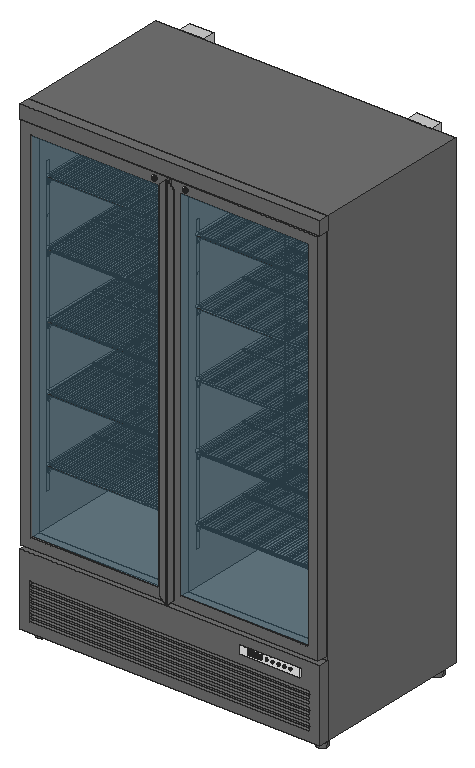
Revit family "QF_BLIZZARD_BMF2_250923020155", category Specialty Equipment, Revit 2021
Family settings
  Round Connector Dimension = Use Diameter
  Part Type = Normal
  OmniClass Number = 23.40.40.14
  OmniClass Title = Food Service Equipment
  Work Plane-Based = No
  Always vertical = Yes
  Cut with Voids When Loaded = No
  Shared = No
  Room Calculation Point = No
Parameters (values of type "BMF2")
  Weight [instance] = 270.00 kg
  Warranty Start Date [instance] = ""
  Warranty Duration [instance] = ""
  Volts [instance] = 230 V
  Volt Free Conn [instance] = no
  URL Recommended Spares List [instance] = ""
  URL Manufacturer [instance] = ""
  URL Cutsheet [instance] = ""
  URL Critical Spares List [instance] = ""
  URL = "www.blizzardequipment.com"
  Technical Documentation [instance] = ""
  Tag Number [instance] = ""
  Status [instance] = ""
  Start Up Current [instance] = 0 A
  Specification by User [instance] = ""
  Specification by Manufacturer [instance] = ""
  Sound Level [instance] = ""
  Show Logo [instance] = yes
  Show Clearances [instance] = yes
  Service Life Duration [instance] = ""
  Serial Number [instance] = ""
  Seismic Rating [instance] = ""
  SMACNA No [instance] = ""
  Revision Code [instance] = ""
  Revision [instance] = ""
  Production Year [instance] = ""
  Potential Equalisation [instance] = no
  Point Load [instance] = 0
  Phase [instance] = 1
  Other Equipment Approvals [instance] = ""
  Operational Current [instance] = 0 A
  Number of Poles [instance] = 2
  No Load Power Draw [instance] = no
  NAFEM Spec ID Number [instance] = ""
  Model Warning [instance] = ""
  Model = "BMF2"
  Min Ckt Ampacity [instance] = 0 A
  Max Overcurrent Protection [instance] = 13 A
  Masterspec [instance] = ""
  Manufacturer = "BLIZZARD"
  Main switch integrated [instance] = no
  Length Actual [instance] = 1250 mm
  Item Number [instance] = ""
  Installed By [instance] = ""
  Installation Date [instance] = ""
  Identify Quantity as Lot [instance] = no
  ID [instance] = ""
  Hygiene Approval [instance] = ""
  Height Actual [instance] = 2003 mm
  HP power [instance] = ""
  Furnished By [instance] = ""
  Foodservice Equipment Identifier [instance] = no
  FL Amps [instance] = 0.93 A
  Electrical Remarks [instance] = ""
  Electric power [instance] = 220 W
  Electric Connection Type [instance] = ""
  Elec Conn RI Height [instance] = 0 mm
  Elec Conn Connection Height [instance] = 0 mm
  ETL Approved [instance] = no
  Description = "DOUBLE HINGED GLASS DOOR DISPLAY FREEZER"
  Depth Actual [instance] = 710 mm
  Default Elevation = 0 mm
  Cycle [instance] = 50 Hz
  Cost = 2766
  Connection to energy optimisation system [instance] = yes
  Conn Plug [instance] = ""
  Conn Conduit [instance] = no
  Centralized building control system with digital interface [instance] = ""
  CSI MasterFormat [instance] = ""
  CE Approved [instance] = no
  Barcode [instance] = 0
  Author [instance] = ""
  Asset Identifier [instance] = ""
  Apparent Power [instance] = 220 VA
  Accessory [instance] = no
Reference planes
  plane 1 "Center (Front/Back)": y = 0
  plane 2: z = 0
  plane 3 "Center (Left/Right)": x = 0
Forms (mm)
  Extrusion 1, solid, not visible
    sketch origin (200.01, -2, 200.01) x (1, 0, 0) y (0, 1, 0)
      loop
        line (-2, 2) -> (-2, -2) -> (2, -2) -> (2, 2) -> (-2, 2)
    from -2 to 2
Dimensions and locks
  locked: Extrusion 1 to nested 2
  locked: nested 2 to Extrusion 1 at 2
  aligned and locked: level to plane 2
Nested families
  nested 1: "QF_BLIZZARD_BMF2_2920" at (0, 0, 0), type "BMF2"
    with Weight 270.00 kg, Warranty Start Date "", Warranty Duration "", URL Cutsheet "", Technical Documentation "", Tag Number "", Status "", Specification by User "", Specification by Manufacturer "", Sound Level "", Solid Fuel Type "", Show Logo yes, Show Clearances yes, Service Life Duration "", Serial Number "", Seismic Rating "", SMACNA No "", Revision Code "", Revision "", Production Year "", Point Load 0, Other Equipment Approvals "", NAFEM Spec ID Number "", Model Warning "", Masterspec "", Length Actual 1250 mm, Item Number "", Installed By "", Installation Date "", Identify Quantity as Lot yes, ID "", Hygiene Approval "", Height Actual 2003 mm, Furnished By "", Foodservice Equipment Identifier yes, ETL Approved yes, Depth Actual 710 mm, CSI MasterFormat "", CE Approved yes, Barcode "", Asset Identifier "", Accessory no
  nested 2: "CONN_POINT_ELE_2D___Generic_Annotation" at (200.01, 0, 200.01), type "CONN_POINT_ELE_2D___Generic_Annotation"
    with Onboard connection annotation symbol visibility yes
Connectors
  electrical at (200.01, 0, 200.01), driven by "Apparent Power", driven by "Number of Poles", driven by "Volts"
    settings: on Extrusion 1, index 1, voltage 230 V, apparent load 0 VA, apparent load phase1 220 VA, apparent load phase2 0 VA, apparent load phase3 0 VA, power factor 1, load classification "Other", number of poles 2, system type 31, power factor state 1, is connector primary yes, connector utility no, sub classification motor no, connector description "Electrical connection for BMF2"
Definition of nested family "QF_BLIZZARD_BMF2_2920"
  Parameters (values of type "BMF2")
    Weight [instance] = 0.00 kg
    Warranty Start Date [instance] = ""
    Warranty Duration [instance] = ""
    URL Cutsheet [instance] = ""
    URL = "www.blizzardequipment.com"
    Technical Documentation [instance] = ""
    Tag Number [instance] = ""
    Status [instance] = ""
    Specification by User [instance] = ""
    Specification by Manufacturer [instance] = ""
    Sound Level [instance] = ""
    Solid Fuel Type [instance] = ""
    Show Logo [instance] = yes
    Show Clearances [instance] = yes
    Service Life Duration [instance] = ""
    Serial Number [instance] = ""
    Seismic Rating [instance] = ""
    SMACNA No [instance] = ""
    Revision Code [instance] = ""
    Revision [instance] = ""
    Production Year [instance] = ""
    Point Load [instance] = 0
    Other Equipment Approvals [instance] = ""
    NAFEM Spec ID Number [instance] = ""
    Model Warning [instance] = ""
    Model = "BMF2"
    Masterspec [instance] = ""
    Manufacturer = "BLIZZARD"
    Length Actual [instance] = 0 mm
    Item Number [instance] = ""
    Installed By [instance] = ""
    Installation Date [instance] = ""
    Identify Quantity as Lot [instance] = yes
    ID [instance] = ""
    Hygiene Approval [instance] = ""
    Height Actual [instance] = 0 mm
    Furnished By [instance] = ""
    Foodservice Equipment Identifier [instance] = yes
    ETL Approved [instance] = yes
    Description = "DOUBLE HINGED GLASS DOOR DISPLAY FREEZER"
    Depth Actual [instance] = 0 mm
    Default Elevation = 0 mm
    CSI MasterFormat [instance] = ""
    CE Approved [instance] = yes
    Barcode [instance] = ""
    Author = "SPECIFI"
    Asset Identifier [instance] = ""
    Assembly Code = "E1090320"
    Accessory [instance] = yes
  Reference planes
    plane 1 "Back": y = 0
    plane 2: z = 0
    plane 3 "Left": x = 0
    plane 4 "Right": x = 1250
    plane 5 "Front": y = -710
    plane 6 "Top": z = 2003
  Forms (mm)
    Extrusion 1, solid
      sketch origin (0, 60, 10) x (1, 0, 0) y (0, 0, 1)
        loop
          line (0, 1993) -> (0, 29) -> (1250, 29) -> (1250, 1993) -> (0, 1993)
        loop
          line (35, 1953) -> (35, 376) -> (1215, 376) -> (1215, 1953) -> (35, 1953)
      from 60 to 725
    Extrusion 2, solid
      sketch origin (500, 0, 1147.5) x (0, 1, 0) y (0, 0, 1)
        loop
          line (-665, 855.5) -> (-710, 855.5) -> (-710, 800) -> (-665, 800) -> (-665, 855.5)
      from -500 to 750
    Revolve 3, solid
      sketch origin (0, -40, 0) x (1, 0, 0) y (0, 0, -1)
        loop
          line (50, -39) -> (50, -15) -> (60, -15) -> (60, 0) -> (40, 0) -> (40, -39) -> (50, -39)
        axis (40, 0) -> (40, -39)
      angle from 0 to 360
    Revolve 4, solid
      sketch origin (689.5, -70, 1118) x (0, 1, 0) y (0, 0, 1)
        loop
          line (-640, 812.281) -> (-640, 815) -> (-641, 815) -> (-642.268, 812.281) -> (-640, 812.281)
        axis (-640, 805) -> (-642.268, 805)
      angle from 0 to 360
    Extrusion 5, solid
      sketch origin (689.5, -710, 1118) x (1, 0, 0) y (0, 0, 1)
        loop
          circle (0, 805) r 7.281
      from 0 to 2.268
    Extrusion 6, solid
      sketch origin (319.719, -710.768, 1118) x (1, 0, 0) y (0, 0, 1)
        loop
          line (368.781, 810.281) -> (368.781, 803.281) -> (370.781, 803.281) -> (370.781, 810.281) -> (368.781, 810.281)
      from 0.232 to 2
    Extrusion 7, solid
      sketch origin (495, -680, 1063) x (1, 0, 0) y (0, 0, 1)
        loop
          line (134.5, 880) -> (134.5, -707) -> (750, -707) -> (750, 880) -> (134.5, 880)
        loop
          line (710, -667) -> (710, 840) -> (174.5, 840) -> (174.5, -667) -> (710, -667)
      from -10 to 30
    Extrusion 8, solid
      sketch origin (805, -670, 0) x (1, 0, 0) y (0, 0, 1)
        loop
          line (-805, 339) -> (-805, 39) -> (445, 39) -> (445, 339) -> (-805, 339)
        loop
          line (-765, 79) -> (405, 79) -> (405, 94) -> (-765, 94) -> (-765, 79)
        loop
          line (-765, 99) -> (405, 99) -> (405, 114) -> (-765, 114) -> (-765, 99)
        loop
          line (-765, 119) -> (405, 119) -> (405, 134) -> (-765, 134) -> (-765, 119)
        loop
          line (-765, 139) -> (405, 139) -> (405, 154) -> (-765, 154) -> (-765, 139)
        loop
          line (-765, 159) -> (405, 159) -> (405, 174) -> (-765, 174) -> (-765, 159)
        loop
          line (-765, 179) -> (405, 179) -> (405, 194) -> (-765, 194) -> (-765, 179)
        loop
          line (-765, 199) -> (405, 199) -> (405, 214) -> (-765, 214) -> (-765, 199)
        loop
          line (-765, 219) -> (405, 219) -> (405, 234) -> (-765, 234) -> (-765, 219)
      from -5 to 40
    Extrusion 9, solid
      sketch origin (535, -670, 673) x (1, 0, 0) y (0, 0, 1)
        loop
          line (109.5, -302) -> (695, -302) -> (695, 1255) -> (109.5, 1255) -> (109.5, -302)
        loop
          line (119.5, -292) -> (685, -292) -> (685, 1245) -> (119.5, 1245) -> (119.5, -292)
      from -5 to 0
    Extrusion 10, solid
      sketch origin (985, -702, 1063) x (-1, 0, 0) y (0, 0, -1)
        loop
          line (-220, -840) -> (315.5, -840) -> (315.5, 667) -> (-220, 667) -> (-220, -840)
      from 0 to 5
    Extrusion 11, solid
      sketch origin (35, -688.633, 200) x (0, -1, 0) y (0, 0, -1)
        loop
          line (-70, -1362) -> (-70, -330) -> (-80, -330) -> (-80, -1362) -> (-70, -1362)
        loop
          line (-77, -336.989) -> (-77, -340.989) -> (-73, -340.989) -> (-73, -336.989) -> (-77, -336.989)
        loop
          line (-77, -351.989) -> (-77, -355.989) -> (-73, -355.989) -> (-73, -351.989) -> (-77, -351.989)
        loop
          line (-77, -366.989) -> (-77, -370.989) -> (-73, -370.989) -> (-73, -366.989) -> (-77, -366.989)
        loop
          line (-77, -381.989) -> (-77, -385.989) -> (-73, -385.989) -> (-73, -381.989) -> (-77, -381.989)
        loop
          line (-77, -396.989) -> (-77, -400.989) -> (-73, -400.989) -> (-73, -396.989) -> (-77, -396.989)
        loop
          line (-77, -411.989) -> (-77, -415.989) -> (-73, -415.989) -> (-73, -411.989) -> (-77, -411.989)
        loop
          line (-77, -426.989) -> (-77, -430.989) -> (-73, -430.989) -> (-73, -426.989) -> (-77, -426.989)
        loop
          line (-77, -441.989) -> (-77, -445.989) -> (-73, -445.989) -> (-73, -441.989) -> (-77, -441.989)
        loop
          line (-77, -456.989) -> (-77, -460.989) -> (-73, -460.989) -> (-73, -456.989) -> (-77, -456.989)
        loop
          line (-77, -471.989) -> (-77, -475.989) -> (-73, -475.989) -> (-73, -471.989) -> (-77, -471.989)
        loop
          line (-77, -486.989) -> (-77, -490.989) -> (-73, -490.989) -> (-73, -486.989) -> (-77, -486.989)
        loop
          line (-77, -501.989) -> (-77, -505.989) -> (-73, -505.989) -> (-73, -501.989) -> (-77, -501.989)
        loop
          line (-77, -516.989) -> (-77, -520.989) -> (-73, -520.989) -> (-73, -516.989) -> (-77, -516.989)
        loop
          line (-77, -531.989) -> (-77, -535.989) -> (-73, -535.989) -> (-73, -531.989) -> (-77, -531.989)
        loop
          line (-77, -546.989) -> (-77, -550.989) -> (-73, -550.989) -> (-73, -546.989) -> (-77, -546.989)
        loop
          line (-77, -561.989) -> (-77, -565.989) -> (-73, -565.989) -> (-73, -561.989) -> (-77, -561.989)
        loop
          line (-77, -576.989) -> (-77, -580.989) -> (-73, -580.989) -> (-73, -576.989) -> (-77, -576.989)
        loop
          line (-77, -591.989) -> (-77, -595.989) -> (-73, -595.989) -> (-73, -591.989) -> (-77, -591.989)
        loop
          line (-77, -606.989) -> (-77, -610.989) -> (-73, -610.989) -> (-73, -606.989) -> (-77, -606.989)
        loop
          line (-77, -621.989) -> (-77, -625.989) -> (-73, -625.989) -> (-73, -621.989) -> (-77, -621.989)
        loop
          line (-77, -636.989) -> (-77, -640.989) -> (-73, -640.989) -> (-73, -636.989) -> (-77, -636.989)
        loop
          line (-77, -651.989) -> (-77, -655.989) -> (-73, -655.989) -> (-73, -651.989) -> (-77, -651.989)
        loop
          line (-77, -666.989) -> (-77, -670.989) -> (-73, -670.989) -> (-73, -666.989) -> (-77, -666.989)
        loop
          line (-77, -681.989) -> (-77, -685.989) -> (-73, -685.989) -> (-73, -681.989) -> (-77, -681.989)
        loop
          line (-77, -696.989) -> (-77, -700.989) -> (-73, -700.989) -> (-73, -696.989) -> (-77, -696.989)
        loop
          line (-77, -711.989) -> (-77, -715.989) -> (-73, -715.989) -> (-73, -711.989) -> (-77, -711.989)
        loop
          line (-77, -726.989) -> (-77, -730.989) -> (-73, -730.989) -> (-73, -726.989) -> (-77, -726.989)
        loop
          line (-77, -741.989) -> (-77, -745.989) -> (-73, -745.989) -> (-73, -741.989) -> (-77, -741.989)
        loop
          line (-77, -756.989) -> (-77, -760.989) -> (-73, -760.989) -> (-73, -756.989) -> (-77, -756.989)
        loop
          line (-77, -771.989) -> (-77, -775.989) -> (-73, -775.989) -> (-73, -771.989) -> (-77, -771.989)
        loop
          line (-77, -786.989) -> (-77, -790.989) -> (-73, -790.989) -> (-73, -786.989) -> (-77, -786.989)
        loop
          line (-77, -801.989) -> (-77, -805.989) -> (-73, -805.989) -> (-73, -801.989) -> (-77, -801.989)
        loop
          line (-77, -816.989) -> (-77, -820.989) -> (-73, -820.989) -> (-73, -816.989) -> (-77, -816.989)
        loop
          line (-77, -831.989) -> (-77, -835.989) -> (-73, -835.989) -> (-73, -831.989) -> (-77, -831.989)
        loop
          line (-77, -846.989) -> (-77, -850.989) -> (-73, -850.989) -> (-73, -846.989) -> (-77, -846.989)
        loop
          line (-77, -861.989) -> (-77, -865.989) -> (-73, -865.989) -> (-73, -861.989) -> (-77, -861.989)
        loop
          line (-77, -876.989) -> (-77, -880.989) -> (-73, -880.989) -> (-73, -876.989) -> (-77, -876.989)
        loop
          line (-77, -891.989) -> (-77, -895.989) -> (-73, -895.989) -> (-73, -891.989) -> (-77, -891.989)
        loop
          line (-77, -906.989) -> (-77, -910.989) -> (-73, -910.989) -> (-73, -906.989) -> (-77, -906.989)
        loop
          line (-77, -921.989) -> (-77, -925.989) -> (-73, -925.989) -> (-73, -921.989) -> (-77, -921.989)
        loop
          line (-77, -936.989) -> (-77, -940.989) -> (-73, -940.989) -> (-73, -936.989) -> (-77, -936.989)
        loop
          line (-77, -951.989) -> (-77, -955.989) -> (-73, -955.989) -> (-73, -951.989) -> (-77, -951.989)
        loop
          line (-77, -966.989) -> (-77, -970.989) -> (-73, -970.989) -> (-73, -966.989) -> (-77, -966.989)
        loop
          line (-77, -981.989) -> (-77, -985.989) -> (-73, -985.989) -> (-73, -981.989) -> (-77, -981.989)
        loop
          line (-77, -996.989) -> (-77, -1000.989) -> (-73, -1000.989) -> (-73, -996.989) -> (-77, -996.989)
        loop
          line (-77, -1011.989) -> (-77, -1015.989) -> (-73, -1015.989) -> (-73, -1011.989) -> (-77, -1011.989)
        loop
          line (-77, -1026.989) -> (-77, -1030.989) -> (-73, -1030.989) -> (-73, -1026.989) -> (-77, -1026.989)
        loop
          line (-77, -1041.989) -> (-77, -1045.989) -> (-73, -1045.989) -> (-73, -1041.989) -> (-77, -1041.989)
        loop
          line (-77, -1056.989) -> (-77, -1060.989) -> (-73, -1060.989) -> (-73, -1056.989) -> (-77, -1056.989)
        loop
          line (-77, -1071.989) -> (-77, -1075.989) -> (-73, -1075.989) -> (-73, -1071.989) -> (-77, -1071.989)
        loop
          line (-77, -1086.989) -> (-77, -1090.989) -> (-73, -1090.989) -> (-73, -1086.989) -> (-77, -1086.989)
        loop
          line (-77, -1101.989) -> (-77, -1105.989) -> (-73, -1105.989) -> (-73, -1101.989) -> (-77, -1101.989)
        loop
          line (-77, -1116.989) -> (-77, -1120.989) -> (-73, -1120.989) -> (-73, -1116.989) -> (-77, -1116.989)
        loop
          line (-77, -1131.989) -> (-77, -1135.989) -> (-73, -1135.989) -> (-73, -1131.989) -> (-77, -1131.989)
        loop
          line (-77, -1146.989) -> (-77, -1150.989) -> (-73, -1150.989) -> (-73, -1146.989) -> (-77, -1146.989)
        loop
          line (-77, -1161.989) -> (-77, -1165.989) -> (-73, -1165.989) -> (-73, -1161.989) -> (-77, -1161.989)
        loop
          line (-77, -1176.989) -> (-77, -1180.989) -> (-73, -1180.989) -> (-73, -1176.989) -> (-77, -1176.989)
        loop
          line (-77, -1191.989) -> (-77, -1195.989) -> (-73, -1195.989) -> (-73, -1191.989) -> (-77, -1191.989)
        loop
          line (-77, -1206.989) -> (-77, -1210.989) -> (-73, -1210.989) -> (-73, -1206.989) -> (-77, -1206.989)
        loop
          line (-77, -1221.989) -> (-77, -1225.989) -> (-73, -1225.989) -> (-73, -1221.989) -> (-77, -1221.989)
        loop
          line (-77, -1236.989) -> (-77, -1240.989) -> (-73, -1240.989) -> (-73, -1236.989) -> (-77, -1236.989)
        loop
          line (-77, -1251.989) -> (-77, -1255.989) -> (-73, -1255.989) -> (-73, -1251.989) -> (-77, -1251.989)
        loop
          line (-77, -1266.989) -> (-77, -1270.989) -> (-73, -1270.989) -> (-73, -1266.989) -> (-77, -1266.989)
        loop
          line (-77, -1281.989) -> (-77, -1285.989) -> (-73, -1285.989) -> (-73, -1281.989) -> (-77, -1281.989)
        loop
          line (-77, -1296.989) -> (-77, -1300.989) -> (-73, -1300.989) -> (-73, -1296.989) -> (-77, -1296.989)
        loop
          line (-77, -1311.989) -> (-77, -1315.989) -> (-73, -1315.989) -> (-73, -1311.989) -> (-77, -1311.989)
        loop
          line (-77, -1326.989) -> (-77, -1330.989) -> (-73, -1330.989) -> (-73, -1326.989) -> (-77, -1326.989)
        loop
          line (-77, -1341.989) -> (-77, -1345.989) -> (-73, -1345.989) -> (-73, -1341.989) -> (-77, -1341.989)
      from 0 to 5
    Sweep 12, solid
      path origin (47.141, -189.803, 1713.371) x (1, 0, 0) y (0, 1, 0)
        loop
          arc (9.859, 55.803) -> (1.373, 52.288) -> (-2.141, 43.803) r 12
          line (-2.141, 43.803) -> (-2.141, -428.83)
          arc (-2.141, -428.83) -> (1.373, -437.316) -> (9.859, -440.83) r 12
          line (9.859, -440.83) -> (521.359, -440.83)
          arc (521.359, -440.83) -> (529.844, -437.316) -> (533.359, -428.83) r 12
          line (533.359, -428.83) -> (533.359, 43.803)
          arc (533.359, 43.803) -> (529.844, 52.288) -> (521.359, 55.803) r 12
          line (521.359, 55.803) -> (9.859, 55.803)
      profile origin (312.75, -134, 1713.371) x (0, 1, 0) y (0, 0, 1)
        loop
          circle (0, 0) r 3.5
    Extrusion 13, solid
      sketch origin (45, -189.803, 1713.371) x (1, 0, 0) y (0, 0, 1)
        loop
          circle (13.5, 4.5) r 1
        loop
          circle (26, 4.5) r 1
        loop
          circle (38.5, 4.5) r 1
        loop
          circle (51, 4.5) r 1
        loop
          circle (63.5, 4.5) r 1
        loop
          circle (76, 4.5) r 1
        loop
          circle (88.5, 4.5) r 1
        loop
          circle (101, 4.5) r 1
        loop
          circle (113.5, 4.5) r 1
        loop
          circle (126, 4.5) r 1
        loop
          circle (138.5, 4.5) r 1
        loop
          circle (151, 4.5) r 1
        loop
          circle (163.5, 4.5) r 1
        loop
          circle (176, 4.5) r 1
        loop
          circle (188.5, 4.5) r 1
        loop
          circle (201, 4.5) r 1
        loop
          circle (213.5, 4.5) r 1
        loop
          circle (226, 4.5) r 1
        loop
          circle (238.5, 4.5) r 1
        loop
          circle (251, 4.5) r 1
        loop
          circle (263.5, 4.5) r 1
        loop
          circle (276, 4.5) r 1
        loop
          circle (288.5, 4.5) r 1
        loop
          circle (301, 4.5) r 1
        loop
          circle (313.5, 4.5) r 1
        loop
          circle (326, 4.5) r 1
        loop
          circle (338.5, 4.5) r 1
        loop
          circle (351, 4.5) r 1
        loop
          circle (363.5, 4.5) r 1
        loop
          circle (376, 4.5) r 1
        loop
          circle (388.5, 4.5) r 1
        loop
          circle (401, 4.5) r 1
        loop
          circle (413.5, 4.5) r 1
        loop
          circle (426, 4.5) r 1
        loop
          circle (438.5, 4.5) r 1
        loop
          circle (451, 4.5) r 1
        loop
          circle (463.5, 4.5) r 1
        loop
          circle (476, 4.5) r 1
        loop
          circle (488.5, 4.5) r 1
        loop
          circle (501, 4.5) r 1
        loop
          circle (513.5, 4.5) r 1
      from -55.803 to 440.197
    Extrusion 14, solid
      sketch origin (45, -170.816, 1713.371) x (0, 1, 0) y (0, 0, 1)
        loop
          circle (-211.5, 0) r 3.5
      from 0 to 535.5
    Extrusion 15, solid
      sketch origin (1653.773, -1414.75, 866.919) x (1, 0, 0) y (0, 0, 1)
        loop
          line (-1608.773, 812.071) -> (-1593.825, 844.071) -> (-1608.773, 844.071) -> (-1608.773, 812.071)
      from -1264.75 to -1262.75
    Extrusion 16, solid
      sketch origin (40, -538.633, 1105.383) x (0, -1, 0) y (0, 0, -1)
        loop
          line (-382.633, -605.606) -> (-382.633, -573.606) -> (-392.633, -573.606) -> (-392.633, -605.606) -> (-382.633, -605.606)
      from 0 to 5
    Extrusion 17, solid
      sketch origin (1653.773, 650.117, 866.919) x (1, 0, 0) y (0, 0, -1)
        loop
          line (-1608.773, -812.071) -> (-1608.773, -844.071) -> (-1593.825, -844.071) -> (-1608.773, -812.071)
      from -1264.75 to -1262.75
    Extrusion 18, solid
      sketch origin (40, -226, 1105.383) x (0, 1, 0) y (0, 0, 1)
        loop
          line (-382.633, 605.606) -> (-392.633, 605.606) -> (-392.633, 573.606) -> (-382.633, 573.606) -> (-382.633, 605.606)
      from 0 to 5
    Extrusion 19, solid
      sketch origin (35, -226, 200) x (0, -1, 0) y (0, 0, -1)
        loop
          line (-70, -1562) -> (-70, -330) -> (-80, -330) -> (-80, -1562) -> (-70, -1562)
        loop
          line (-77, -336.989) -> (-77, -340.989) -> (-73, -340.989) -> (-73, -336.989) -> (-77, -336.989)
        loop
          line (-77, -351.989) -> (-77, -355.989) -> (-73, -355.989) -> (-73, -351.989) -> (-77, -351.989)
        loop
          line (-77, -366.989) -> (-77, -370.989) -> (-73, -370.989) -> (-73, -366.989) -> (-77, -366.989)
        loop
          line (-77, -381.989) -> (-77, -385.989) -> (-73, -385.989) -> (-73, -381.989) -> (-77, -381.989)
        loop
          line (-77, -396.989) -> (-77, -400.989) -> (-73, -400.989) -> (-73, -396.989) -> (-77, -396.989)
        loop
          line (-77, -411.989) -> (-77, -415.989) -> (-73, -415.989) -> (-73, -411.989) -> (-77, -411.989)
        loop
          line (-77, -426.989) -> (-77, -430.989) -> (-73, -430.989) -> (-73, -426.989) -> (-77, -426.989)
        loop
          line (-77, -441.989) -> (-77, -445.989) -> (-73, -445.989) -> (-73, -441.989) -> (-77, -441.989)
        loop
          line (-77, -456.989) -> (-77, -460.989) -> (-73, -460.989) -> (-73, -456.989) -> (-77, -456.989)
        loop
          line (-77, -471.989) -> (-77, -475.989) -> (-73, -475.989) -> (-73, -471.989) -> (-77, -471.989)
        loop
          line (-77, -486.989) -> (-77, -490.989) -> (-73, -490.989) -> (-73, -486.989) -> (-77, -486.989)
        loop
          line (-77, -501.989) -> (-77, -505.989) -> (-73, -505.989) -> (-73, -501.989) -> (-77, -501.989)
        loop
          line (-77, -516.989) -> (-77, -520.989) -> (-73, -520.989) -> (-73, -516.989) -> (-77, -516.989)
        loop
          line (-77, -531.989) -> (-77, -535.989) -> (-73, -535.989) -> (-73, -531.989) -> (-77, -531.989)
        loop
          line (-77, -546.989) -> (-77, -550.989) -> (-73, -550.989) -> (-73, -546.989) -> (-77, -546.989)
        loop
          line (-77, -561.989) -> (-77, -565.989) -> (-73, -565.989) -> (-73, -561.989) -> (-77, -561.989)
        loop
          line (-77, -576.989) -> (-77, -580.989) -> (-73, -580.989) -> (-73, -576.989) -> (-77, -576.989)
        loop
          line (-77, -591.989) -> (-77, -595.989) -> (-73, -595.989) -> (-73, -591.989) -> (-77, -591.989)
        loop
          line (-77, -606.989) -> (-77, -610.989) -> (-73, -610.989) -> (-73, -606.989) -> (-77, -606.989)
        loop
          line (-77, -621.989) -> (-77, -625.989) -> (-73, -625.989) -> (-73, -621.989) -> (-77, -621.989)
        loop
          line (-77, -636.989) -> (-77, -640.989) -> (-73, -640.989) -> (-73, -636.989) -> (-77, -636.989)
        loop
          line (-77, -651.989) -> (-77, -655.989) -> (-73, -655.989) -> (-73, -651.989) -> (-77, -651.989)
        loop
          line (-77, -666.989) -> (-77, -670.989) -> (-73, -670.989) -> (-73, -666.989) -> (-77, -666.989)
        loop
          line (-77, -681.989) -> (-77, -685.989) -> (-73, -685.989) -> (-73, -681.989) -> (-77, -681.989)
        loop
          line (-77, -696.989) -> (-77, -700.989) -> (-73, -700.989) -> (-73, -696.989) -> (-77, -696.989)
        loop
          line (-77, -711.989) -> (-77, -715.989) -> (-73, -715.989) -> (-73, -711.989) -> (-77, -711.989)
        loop
          line (-77, -726.989) -> (-77, -730.989) -> (-73, -730.989) -> (-73, -726.989) -> (-77, -726.989)
        loop
          line (-77, -741.989) -> (-77, -745.989) -> (-73, -745.989) -> (-73, -741.989) -> (-77, -741.989)
        loop
          line (-77, -756.989) -> (-77, -760.989) -> (-73, -760.989) -> (-73, -756.989) -> (-77, -756.989)
        loop
          line (-77, -771.989) -> (-77, -775.989) -> (-73, -775.989) -> (-73, -771.989) -> (-77, -771.989)
        loop
          line (-77, -786.989) -> (-77, -790.989) -> (-73, -790.989) -> (-73, -786.989) -> (-77, -786.989)
        loop
          line (-77, -801.989) -> (-77, -805.989) -> (-73, -805.989) -> (-73, -801.989) -> (-77, -801.989)
        loop
          line (-77, -816.989) -> (-77, -820.989) -> (-73, -820.989) -> (-73, -816.989) -> (-77, -816.989)
        loop
          line (-77, -831.989) -> (-77, -835.989) -> (-73, -835.989) -> (-73, -831.989) -> (-77, -831.989)
        loop
          line (-77, -846.989) -> (-77, -850.989) -> (-73, -850.989) -> (-73, -846.989) -> (-77, -846.989)
        loop
          line (-77, -861.989) -> (-77, -865.989) -> (-73, -865.989) -> (-73, -861.989) -> (-77, -861.989)
        loop
          line (-77, -876.989) -> (-77, -880.989) -> (-73, -880.989) -> (-73, -876.989) -> (-77, -876.989)
        loop
          line (-77, -891.989) -> (-77, -895.989) -> (-73, -895.989) -> (-73, -891.989) -> (-77, -891.989)
        loop
          line (-77, -906.989) -> (-77, -910.989) -> (-73, -910.989) -> (-73, -906.989) -> (-77, -906.989)
        loop
          line (-77, -921.989) -> (-77, -925.989) -> (-73, -925.989) -> (-73, -921.989) -> (-77, -921.989)
        loop
          line (-77, -936.989) -> (-77, -940.989) -> (-73, -940.989) -> (-73, -936.989) -> (-77, -936.989)
        loop
          line (-77, -951.989) -> (-77, -955.989) -> (-73, -955.989) -> (-73, -951.989) -> (-77, -951.989)
        loop
          line (-77, -966.989) -> (-77, -970.989) -> (-73, -970.989) -> (-73, -966.989) -> (-77, -966.989)
        loop
          line (-77, -981.989) -> (-77, -985.989) -> (-73, -985.989) -> (-73, -981.989) -> (-77, -981.989)
        loop
          line (-77, -996.989) -> (-77, -1000.989) -> (-73, -1000.989) -> (-73, -996.989) -> (-77, -996.989)
        loop
          line (-77, -1011.989) -> (-77, -1015.989) -> (-73, -1015.989) -> (-73, -1011.989) -> (-77, -1011.989)
        loop
          line (-77, -1026.989) -> (-77, -1030.989) -> (-73, -1030.989) -> (-73, -1026.989) -> (-77, -1026.989)
        loop
          line (-77, -1041.989) -> (-77, -1045.989) -> (-73, -1045.989) -> (-73, -1041.989) -> (-77, -1041.989)
        loop
          line (-77, -1056.989) -> (-77, -1060.989) -> (-73, -1060.989) -> (-73, -1056.989) -> (-77, -1056.989)
        loop
          line (-77, -1071.989) -> (-77, -1075.989) -> (-73, -1075.989) -> (-73, -1071.989) -> (-77, -1071.989)
        loop
          line (-77, -1086.989) -> (-77, -1090.989) -> (-73, -1090.989) -> (-73, -1086.989) -> (-77, -1086.989)
        loop
          line (-77, -1101.989) -> (-77, -1105.989) -> (-73, -1105.989) -> (-73, -1101.989) -> (-77, -1101.989)
        loop
          line (-77, -1116.989) -> (-77, -1120.989) -> (-73, -1120.989) -> (-73, -1116.989) -> (-77, -1116.989)
        loop
          line (-77, -1131.989) -> (-77, -1135.989) -> (-73, -1135.989) -> (-73, -1131.989) -> (-77, -1131.989)
        loop
          line (-77, -1146.989) -> (-77, -1150.989) -> (-73, -1150.989) -> (-73, -1146.989) -> (-77, -1146.989)
        loop
          line (-77, -1161.989) -> (-77, -1165.989) -> (-73, -1165.989) -> (-73, -1161.989) -> (-77, -1161.989)
        loop
          line (-77, -1176.989) -> (-77, -1180.989) -> (-73, -1180.989) -> (-73, -1176.989) -> (-77, -1176.989)
        loop
          line (-77, -1191.989) -> (-77, -1195.989) -> (-73, -1195.989) -> (-73, -1191.989) -> (-77, -1191.989)
        loop
          line (-77, -1206.989) -> (-77, -1210.989) -> (-73, -1210.989) -> (-73, -1206.989) -> (-77, -1206.989)
        loop
          line (-77, -1221.989) -> (-77, -1225.989) -> (-73, -1225.989) -> (-73, -1221.989) -> (-77, -1221.989)
        loop
          line (-77, -1236.989) -> (-77, -1240.989) -> (-73, -1240.989) -> (-73, -1236.989) -> (-77, -1236.989)
        loop
          line (-77, -1251.989) -> (-77, -1255.989) -> (-73, -1255.989) -> (-73, -1251.989) -> (-77, -1251.989)
        loop
          line (-77, -1266.989) -> (-77, -1270.989) -> (-73, -1270.989) -> (-73, -1266.989) -> (-77, -1266.989)
        loop
          line (-77, -1281.989) -> (-77, -1285.989) -> (-73, -1285.989) -> (-73, -1281.989) -> (-77, -1281.989)
        loop
          line (-77, -1296.989) -> (-77, -1300.989) -> (-73, -1300.989) -> (-73, -1296.989) -> (-77, -1296.989)
        loop
          line (-77, -1311.989) -> (-77, -1315.989) -> (-73, -1315.989) -> (-73, -1311.989) -> (-77, -1311.989)
        loop
          line (-77, -1326.989) -> (-77, -1330.989) -> (-73, -1330.989) -> (-73, -1326.989) -> (-77, -1326.989)
        loop
          line (-77, -1341.989) -> (-77, -1345.989) -> (-73, -1345.989) -> (-73, -1341.989) -> (-77, -1341.989)
        loop
          line (-77, -1356.989) -> (-77, -1360.989) -> (-73, -1360.989) -> (-73, -1356.989) -> (-77, -1356.989)
        loop
          line (-77, -1371.989) -> (-77, -1375.989) -> (-73, -1375.989) -> (-73, -1371.989) -> (-77, -1371.989)
        loop
          line (-77, -1386.989) -> (-77, -1390.989) -> (-73, -1390.989) -> (-73, -1386.989) -> (-77, -1386.989)
        loop
          line (-77, -1401.989) -> (-77, -1405.989) -> (-73, -1405.989) -> (-73, -1401.989) -> (-77, -1401.989)
        loop
          line (-77, -1416.989) -> (-77, -1420.989) -> (-73, -1420.989) -> (-73, -1416.989) -> (-77, -1416.989)
        loop
          line (-77, -1431.989) -> (-77, -1435.989) -> (-73, -1435.989) -> (-73, -1431.989) -> (-77, -1431.989)
        loop
          line (-77, -1446.989) -> (-77, -1450.989) -> (-73, -1450.989) -> (-73, -1446.989) -> (-77, -1446.989)
        loop
          line (-77, -1461.989) -> (-77, -1465.989) -> (-73, -1465.989) -> (-73, -1461.989) -> (-77, -1461.989)
        loop
          line (-77, -1476.989) -> (-77, -1480.989) -> (-73, -1480.989) -> (-73, -1476.989) -> (-77, -1476.989)
        loop
          line (-77, -1491.989) -> (-77, -1495.989) -> (-73, -1495.989) -> (-73, -1491.989) -> (-77, -1491.989)
        loop
          line (-77, -1506.989) -> (-77, -1510.989) -> (-73, -1510.989) -> (-73, -1506.989) -> (-77, -1506.989)
        loop
          line (-77, -1521.989) -> (-77, -1525.989) -> (-73, -1525.989) -> (-73, -1521.989) -> (-77, -1521.989)
        loop
          line (-77, -1536.989) -> (-77, -1540.989) -> (-73, -1540.989) -> (-73, -1536.989) -> (-77, -1536.989)
        loop
          line (-77, -1551.989) -> (-77, -1555.989) -> (-73, -1555.989) -> (-73, -1551.989) -> (-77, -1551.989)
      from 0 to 5
    Extrusion 20, solid
      sketch origin (794.101, -710, 194) x (1, 0, 0) y (0, 0, 1)
        loop
          line (125.899, 110) -> (125.899, 75) -> (375.899, 75) -> (375.899, 110) -> (125.899, 110)
      from -1 to 1
    Extrusion 21, solid
      sketch origin (755.166, -710.5, 246.5) x (1, 0, 0) y (0, 0, 1)
        loop
          arc (197.834, 50) -> (195.712, 49.121) -> (194.834, 47) r 3
          line (194.834, 47) -> (194.834, 33)
          arc (194.834, 33) -> (195.712, 30.879) -> (197.834, 30) r 3
          line (197.834, 30) -> (251.834, 30)
          arc (251.834, 30) -> (253.955, 30.879) -> (254.834, 33) r 3
          line (254.834, 33) -> (254.834, 47)
          arc (254.834, 47) -> (253.955, 49.121) -> (251.834, 50) r 3
          line (251.834, 50) -> (197.834, 50)
      from -1 to 1
    Extrusion 22, solid, visible <- "Show Clearances", detail levels coarse
      sketch origin (850, -190, 254) x (-1, 0, 0) y (0, -1, 0)
        loop
          line (-395, 520) -> (220.5, 520)
          arc (220.5, 520) -> (40.224, 955.224) -> (-395, 1135.5) r 615.5
          line (-395, 1135.5) -> (-395, 520)
      from 102 to 1689
    Extrusion 23, solid
      sketch origin (35, -688.633, 200) x (0, -1, 0) y (0, 0, -1)
        loop
          line (-70, -1562) -> (-70, -330) -> (-80, -330) -> (-80, -1562) -> (-70, -1562)
        loop
          line (-77, -336.989) -> (-77, -340.989) -> (-73, -340.989) -> (-73, -336.989) -> (-77, -336.989)
        loop
          line (-77, -351.989) -> (-77, -355.989) -> (-73, -355.989) -> (-73, -351.989) -> (-77, -351.989)
        loop
          line (-77, -366.989) -> (-77, -370.989) -> (-73, -370.989) -> (-73, -366.989) -> (-77, -366.989)
        loop
          line (-77, -381.989) -> (-77, -385.989) -> (-73, -385.989) -> (-73, -381.989) -> (-77, -381.989)
        loop
          line (-77, -396.989) -> (-77, -400.989) -> (-73, -400.989) -> (-73, -396.989) -> (-77, -396.989)
        loop
          line (-77, -411.989) -> (-77, -415.989) -> (-73, -415.989) -> (-73, -411.989) -> (-77, -411.989)
        loop
          line (-77, -426.989) -> (-77, -430.989) -> (-73, -430.989) -> (-73, -426.989) -> (-77, -426.989)
        loop
          line (-77, -441.989) -> (-77, -445.989) -> (-73, -445.989) -> (-73, -441.989) -> (-77, -441.989)
        loop
          line (-77, -456.989) -> (-77, -460.989) -> (-73, -460.989) -> (-73, -456.989) -> (-77, -456.989)
        loop
          line (-77, -471.989) -> (-77, -475.989) -> (-73, -475.989) -> (-73, -471.989) -> (-77, -471.989)
        loop
          line (-77, -486.989) -> (-77, -490.989) -> (-73, -490.989) -> (-73, -486.989) -> (-77, -486.989)
        loop
          line (-77, -501.989) -> (-77, -505.989) -> (-73, -505.989) -> (-73, -501.989) -> (-77, -501.989)
        loop
          line (-77, -516.989) -> (-77, -520.989) -> (-73, -520.989) -> (-73, -516.989) -> (-77, -516.989)
        loop
          line (-77, -531.989) -> (-77, -535.989) -> (-73, -535.989) -> (-73, -531.989) -> (-77, -531.989)
        loop
          line (-77, -546.989) -> (-77, -550.989) -> (-73, -550.989) -> (-73, -546.989) -> (-77, -546.989)
        loop
          line (-77, -561.989) -> (-77, -565.989) -> (-73, -565.989) -> (-73, -561.989) -> (-77, -561.989)
        loop
          line (-77, -576.989) -> (-77, -580.989) -> (-73, -580.989) -> (-73, -576.989) -> (-77, -576.989)
        loop
          line (-77, -591.989) -> (-77, -595.989) -> (-73, -595.989) -> (-73, -591.989) -> (-77, -591.989)
        loop
          line (-77, -606.989) -> (-77, -610.989) -> (-73, -610.989) -> (-73, -606.989) -> (-77, -606.989)
        loop
          line (-77, -621.989) -> (-77, -625.989) -> (-73, -625.989) -> (-73, -621.989) -> (-77, -621.989)
        loop
          line (-77, -636.989) -> (-77, -640.989) -> (-73, -640.989) -> (-73, -636.989) -> (-77, -636.989)
        loop
          line (-77, -651.989) -> (-77, -655.989) -> (-73, -655.989) -> (-73, -651.989) -> (-77, -651.989)
        loop
          line (-77, -666.989) -> (-77, -670.989) -> (-73, -670.989) -> (-73, -666.989) -> (-77, -666.989)
        loop
          line (-77, -681.989) -> (-77, -685.989) -> (-73, -685.989) -> (-73, -681.989) -> (-77, -681.989)
        loop
          line (-77, -696.989) -> (-77, -700.989) -> (-73, -700.989) -> (-73, -696.989) -> (-77, -696.989)
        loop
          line (-77, -711.989) -> (-77, -715.989) -> (-73, -715.989) -> (-73, -711.989) -> (-77, -711.989)
        loop
          line (-77, -726.989) -> (-77, -730.989) -> (-73, -730.989) -> (-73, -726.989) -> (-77, -726.989)
        loop
          line (-77, -741.989) -> (-77, -745.989) -> (-73, -745.989) -> (-73, -741.989) -> (-77, -741.989)
        loop
          line (-77, -756.989) -> (-77, -760.989) -> (-73, -760.989) -> (-73, -756.989) -> (-77, -756.989)
        loop
          line (-77, -771.989) -> (-77, -775.989) -> (-73, -775.989) -> (-73, -771.989) -> (-77, -771.989)
        loop
          line (-77, -786.989) -> (-77, -790.989) -> (-73, -790.989) -> (-73, -786.989) -> (-77, -786.989)
        loop
          line (-77, -801.989) -> (-77, -805.989) -> (-73, -805.989) -> (-73, -801.989) -> (-77, -801.989)
        loop
          line (-77, -816.989) -> (-77, -820.989) -> (-73, -820.989) -> (-73, -816.989) -> (-77, -816.989)
        loop
          line (-77, -831.989) -> (-77, -835.989) -> (-73, -835.989) -> (-73, -831.989) -> (-77, -831.989)
        loop
          line (-77, -846.989) -> (-77, -850.989) -> (-73, -850.989) -> (-73, -846.989) -> (-77, -846.989)
        loop
          line (-77, -861.989) -> (-77, -865.989) -> (-73, -865.989) -> (-73, -861.989) -> (-77, -861.989)
        loop
          line (-77, -876.989) -> (-77, -880.989) -> (-73, -880.989) -> (-73, -876.989) -> (-77, -876.989)
        loop
          line (-77, -891.989) -> (-77, -895.989) -> (-73, -895.989) -> (-73, -891.989) -> (-77, -891.989)
        loop
          line (-77, -906.989) -> (-77, -910.989) -> (-73, -910.989) -> (-73, -906.989) -> (-77, -906.989)
        loop
          line (-77, -921.989) -> (-77, -925.989) -> (-73, -925.989) -> (-73, -921.989) -> (-77, -921.989)
        loop
          line (-77, -936.989) -> (-77, -940.989) -> (-73, -940.989) -> (-73, -936.989) -> (-77, -936.989)
        loop
          line (-77, -951.989) -> (-77, -955.989) -> (-73, -955.989) -> (-73, -951.989) -> (-77, -951.989)
        loop
          line (-77, -966.989) -> (-77, -970.989) -> (-73, -970.989) -> (-73, -966.989) -> (-77, -966.989)
        loop
          line (-77, -981.989) -> (-77, -985.989) -> (-73, -985.989) -> (-73, -981.989) -> (-77, -981.989)
        loop
          line (-77, -996.989) -> (-77, -1000.989) -> (-73, -1000.989) -> (-73, -996.989) -> (-77, -996.989)
        loop
          line (-77, -1011.989) -> (-77, -1015.989) -> (-73, -1015.989) -> (-73, -1011.989) -> (-77, -1011.989)
        loop
          line (-77, -1026.989) -> (-77, -1030.989) -> (-73, -1030.989) -> (-73, -1026.989) -> (-77, -1026.989)
        loop
          line (-77, -1041.989) -> (-77, -1045.989) -> (-73, -1045.989) -> (-73, -1041.989) -> (-77, -1041.989)
        loop
          line (-77, -1056.989) -> (-77, -1060.989) -> (-73, -1060.989) -> (-73, -1056.989) -> (-77, -1056.989)
        loop
          line (-77, -1071.989) -> (-77, -1075.989) -> (-73, -1075.989) -> (-73, -1071.989) -> (-77, -1071.989)
        loop
          line (-77, -1086.989) -> (-77, -1090.989) -> (-73, -1090.989) -> (-73, -1086.989) -> (-77, -1086.989)
        loop
          line (-77, -1101.989) -> (-77, -1105.989) -> (-73, -1105.989) -> (-73, -1101.989) -> (-77, -1101.989)
        loop
          line (-77, -1116.989) -> (-77, -1120.989) -> (-73, -1120.989) -> (-73, -1116.989) -> (-77, -1116.989)
        loop
          line (-77, -1131.989) -> (-77, -1135.989) -> (-73, -1135.989) -> (-73, -1131.989) -> (-77, -1131.989)
        loop
          line (-77, -1146.989) -> (-77, -1150.989) -> (-73, -1150.989) -> (-73, -1146.989) -> (-77, -1146.989)
        loop
          line (-77, -1161.989) -> (-77, -1165.989) -> (-73, -1165.989) -> (-73, -1161.989) -> (-77, -1161.989)
        loop
          line (-77, -1176.989) -> (-77, -1180.989) -> (-73, -1180.989) -> (-73, -1176.989) -> (-77, -1176.989)
        loop
          line (-77, -1191.989) -> (-77, -1195.989) -> (-73, -1195.989) -> (-73, -1191.989) -> (-77, -1191.989)
        loop
          line (-77, -1206.989) -> (-77, -1210.989) -> (-73, -1210.989) -> (-73, -1206.989) -> (-77, -1206.989)
        loop
          line (-77, -1221.989) -> (-77, -1225.989) -> (-73, -1225.989) -> (-73, -1221.989) -> (-77, -1221.989)
        loop
          line (-77, -1236.989) -> (-77, -1240.989) -> (-73, -1240.989) -> (-73, -1236.989) -> (-77, -1236.989)
        loop
          line (-77, -1251.989) -> (-77, -1255.989) -> (-73, -1255.989) -> (-73, -1251.989) -> (-77, -1251.989)
        loop
          line (-77, -1266.989) -> (-77, -1270.989) -> (-73, -1270.989) -> (-73, -1266.989) -> (-77, -1266.989)
        loop
          line (-77, -1281.989) -> (-77, -1285.989) -> (-73, -1285.989) -> (-73, -1281.989) -> (-77, -1281.989)
        loop
          line (-77, -1296.989) -> (-77, -1300.989) -> (-73, -1300.989) -> (-73, -1296.989) -> (-77, -1296.989)
        loop
          line (-77, -1311.989) -> (-77, -1315.989) -> (-73, -1315.989) -> (-73, -1311.989) -> (-77, -1311.989)
        loop
          line (-77, -1326.989) -> (-77, -1330.989) -> (-73, -1330.989) -> (-73, -1326.989) -> (-77, -1326.989)
        loop
          line (-77, -1341.989) -> (-77, -1345.989) -> (-73, -1345.989) -> (-73, -1341.989) -> (-77, -1341.989)
        loop
          line (-77, -1356.989) -> (-77, -1360.989) -> (-73, -1360.989) -> (-73, -1356.989) -> (-77, -1356.989)
        loop
          line (-77, -1371.989) -> (-77, -1375.989) -> (-73, -1375.989) -> (-73, -1371.989) -> (-77, -1371.989)
        loop
          line (-77, -1386.989) -> (-77, -1390.989) -> (-73, -1390.989) -> (-73, -1386.989) -> (-77, -1386.989)
        loop
          line (-77, -1401.989) -> (-77, -1405.989) -> (-73, -1405.989) -> (-73, -1401.989) -> (-77, -1401.989)
        loop
          line (-77, -1416.989) -> (-77, -1420.989) -> (-73, -1420.989) -> (-73, -1416.989) -> (-77, -1416.989)
        loop
          line (-77, -1431.989) -> (-77, -1435.989) -> (-73, -1435.989) -> (-73, -1431.989) -> (-77, -1431.989)
        loop
          line (-77, -1446.989) -> (-77, -1450.989) -> (-73, -1450.989) -> (-73, -1446.989) -> (-77, -1446.989)
        loop
          line (-77, -1461.989) -> (-77, -1465.989) -> (-73, -1465.989) -> (-73, -1461.989) -> (-77, -1461.989)
        loop
          line (-77, -1476.989) -> (-77, -1480.989) -> (-73, -1480.989) -> (-73, -1476.989) -> (-77, -1476.989)
        loop
          line (-77, -1491.989) -> (-77, -1495.989) -> (-73, -1495.989) -> (-73, -1491.989) -> (-77, -1491.989)
        loop
          line (-77, -1506.989) -> (-77, -1510.989) -> (-73, -1510.989) -> (-73, -1506.989) -> (-77, -1506.989)
        loop
          line (-77, -1521.989) -> (-77, -1525.989) -> (-73, -1525.989) -> (-73, -1521.989) -> (-77, -1521.989)
        loop
          line (-77, -1536.989) -> (-77, -1540.989) -> (-73, -1540.989) -> (-73, -1536.989) -> (-77, -1536.989)
        loop
          line (-77, -1551.989) -> (-77, -1555.989) -> (-73, -1555.989) -> (-73, -1551.989) -> (-77, -1551.989)
      from 0 to 5
    Revolve 24, solid
      sketch origin (0, -645, 0) x (1, 0, 0) y (0, 0, -1)
        loop
          line (50, -39) -> (50, -15) -> (60, -15) -> (60, 0) -> (40, 0) -> (40, -39) -> (50, -39)
        axis (40, 0) -> (40, -39)
      angle from 0 to 360
    Revolve 25, solid
      sketch origin (1250, -40, 0) x (-1, 0, 0) y (0, 0, 1)
        loop
          line (50, 39) -> (40, 39) -> (40, 0) -> (60, 0) -> (60, 15) -> (50, 15) -> (50, 39)
        axis (40, 0) -> (40, 39)
      angle from 0 to 360
    Revolve 26, solid
      sketch origin (1250, -645, 0) x (-1, 0, 0) y (0, 0, 1)
        loop
          line (50, 39) -> (40, 39) -> (40, 0) -> (60, 0) -> (60, 15) -> (50, 15) -> (50, 39)
        axis (40, 0) -> (40, 39)
      angle from 0 to 360
    Extrusion 27, solid
      sketch origin (830.166, -710.5, 246.5) x (1, 0, 0) y (0, 0, 1)
        loop
          circle (199.834, 40) r 5
      from -1 to 1
    Extrusion 28, solid
      sketch origin (855.166, -710.5, 246.5) x (1, 0, 0) y (0, 0, 1)
        loop
          circle (199.834, 40) r 5
      from -1 to 1
    Extrusion 29, solid
      sketch origin (880.166, -710.5, 246.5) x (1, 0, 0) y (0, 0, 1)
        loop
          circle (199.834, 40) r 5
      from -1 to 1
    Extrusion 30, solid
      sketch origin (905.166, -710.5, 246.5) x (1, 0, 0) y (0, 0, 1)
        loop
          circle (199.834, 40) r 5
      from -1 to 1
    Extrusion 31, solid
      sketch origin (930.166, -710.5, 246.5) x (1, 0, 0) y (0, 0, 1)
        loop
          circle (199.834, 40) r 5
      from -1 to 1
    Extrusion 32, solid
      sketch origin (830.166, -711, 241.5) x (1, 0, 0) y (0, 0, 1)
        loop
          line (199.834, 47) -> (195.834, 43) -> (199.834, 45.5) -> (203.834, 43) -> (199.834, 47)
      from -1 to 1
    Extrusion 33, solid
      sketch origin (1254.834, -711, 331.5) x (-1, 0, 0) y (0, 0, -1)
        loop
          line (199.834, 47) -> (195.834, 43) -> (199.834, 45.5) -> (203.834, 43) -> (199.834, 47)
      from -1 to 1
    Extrusion 34, solid
      sketch origin (1279.834, -711, 331.5) x (-1, 0, 0) y (0, 0, -1)
        loop
          circle (199.834, 45) r 3
      from -1 to 1
    Extrusion 35, solid
      sketch origin (1304.834, -711, 331.5) x (-1, 0, 0) y (0, 0, -1)
        loop
          arc (196.834, 45) -> (199.834, 42) -> (202.834, 45) r 3
          line (202.834, 45) -> (196.834, 45)
        loop
          arc (201.034, 47.5) -> (199.834, 48.7) -> (198.634, 47.5) r 1.2
          line (198.634, 47.5) -> (199.834, 45.5) -> (201.034, 47.5)
        loop
          arc (198.134, 47.1) -> (197.334, 47.9) -> (196.534, 47.1) r 0.8
          line (196.534, 47.1) -> (197.334, 45.924) -> (198.134, 47.1)
        loop
          line (201.534, 47.1) -> (202.334, 45.924) -> (203.134, 47.1)
          arc (203.134, 47.1) -> (202.334, 47.9) -> (201.534, 47.1) r 0.8
      from -1 to 1
    Extrusion 36, solid
      sketch origin (1329.834, -711, 331.5) x (-1, 0, 0) y (0, 0, -1)
        loop
          line (200.834, 42.709) -> (201.234, 41.792)
          arc (201.234, 41.792) -> (199.834, 48.5) -> (198.434, 41.792) r 3.5
          line (198.434, 41.792) -> (198.834, 42.709)
          arc (198.834, 42.709) -> (199.834, 47.5) -> (200.834, 42.709) r 2.5
        loop
          arc (199.334, 41.646) -> (199.834, 41.146) -> (200.334, 41.646) r 0.5
          line (200.334, 41.646) -> (200.334, 43.646)
          arc (200.334, 43.646) -> (199.834, 44.146) -> (199.334, 43.646) r 0.5
          line (199.334, 43.646) -> (199.334, 41.646)
      from -1 to 1
    Extrusion 37, solid
      sketch origin (687.651, -710, -517) x (1, 0, 0) y (0, 0, 1)
        loop
          line (280.849, 804.46) -> (282.129, 804.46) -> (282.129, 809.9) -> (280.849, 809.9) -> (280.849, 804.46)
        loop
          line (280.849, 797.1) -> (282.129, 797.1) -> (282.129, 802.22) -> (280.849, 802.22) -> (280.849, 797.1)
        loop
          line (282.449, 811.5) -> (282.449, 810.22) -> (289.249, 810.22) -> (289.249, 811.5) -> (282.449, 811.5)
        loop
          line (290.849, 804.46) -> (290.849, 809.9) -> (289.569, 809.9) -> (289.569, 804.46) -> (290.849, 804.46)
        loop
          line (290.849, 797.1) -> (290.849, 802.22) -> (289.569, 802.22) -> (289.569, 797.1) -> (290.849, 797.1)
        loop
          line (282.449, 795.5) -> (289.249, 795.5) -> (289.249, 796.78) -> (282.449, 796.78) -> (282.449, 795.5)
        loop
          line (292.989, 795.5) -> (292.989, 796.78) -> (291.709, 796.78) -> (291.709, 795.5) -> (292.989, 795.5)
        loop
          line (293.849, 804.46) -> (295.129, 804.46) -> (295.129, 809.9) -> (293.849, 809.9) -> (293.849, 804.46)
        loop
          line (293.849, 797.1) -> (295.129, 797.1) -> (295.129, 802.22) -> (293.849, 802.22) -> (293.849, 797.1)
        loop
          line (295.449, 811.5) -> (295.449, 810.22) -> (302.249, 810.22) -> (302.249, 811.5) -> (295.449, 811.5)
        loop
          line (303.849, 804.46) -> (303.849, 809.9) -> (302.569, 809.9) -> (302.569, 804.46) -> (303.849, 804.46)
        loop
          line (303.849, 797.1) -> (303.849, 802.22) -> (302.569, 802.22) -> (302.569, 797.1) -> (303.849, 797.1)
        loop
          line (295.449, 795.5) -> (302.249, 795.5) -> (302.249, 796.78) -> (295.449, 796.78) -> (295.449, 795.5)
        loop
          line (305.849, 804.46) -> (307.129, 804.46) -> (307.129, 809.9) -> (305.849, 809.9) -> (305.849, 804.46)
        loop
          line (305.849, 797.1) -> (307.129, 797.1) -> (307.129, 802.22) -> (305.849, 802.22) -> (305.849, 797.1)
        loop
          line (307.449, 811.5) -> (307.449, 810.22) -> (314.249, 810.22) -> (314.249, 811.5) -> (307.449, 811.5)
        loop
          line (315.849, 804.46) -> (315.849, 809.9) -> (314.569, 809.9) -> (314.569, 804.46) -> (315.849, 804.46)
        loop
          line (315.849, 797.1) -> (315.849, 802.22) -> (314.569, 802.22) -> (314.569, 797.1) -> (315.849, 797.1)
        loop
          line (307.449, 795.5) -> (314.249, 795.5) -> (314.249, 796.78) -> (307.449, 796.78) -> (307.449, 795.5)
        loop
          line (268.849, 804.46) -> (270.129, 804.46) -> (270.129, 809.9) -> (268.849, 809.9) -> (268.849, 804.46)
        loop
          line (268.849, 797.1) -> (270.129, 797.1) -> (270.129, 802.22) -> (268.849, 802.22) -> (268.849, 797.1)
        loop
          line (270.449, 811.5) -> (270.449, 810.22) -> (277.249, 810.22) -> (277.249, 811.5) -> (270.449, 811.5)
        loop
          line (278.849, 804.46) -> (278.849, 809.9) -> (277.569, 809.9) -> (277.569, 804.46) -> (278.849, 804.46)
        loop
          line (278.849, 797.1) -> (278.849, 802.22) -> (277.569, 802.22) -> (277.569, 797.1) -> (278.849, 797.1)
        loop
          line (270.449, 795.5) -> (277.249, 795.5) -> (277.249, 796.78) -> (270.449, 796.78) -> (270.449, 795.5)
      from 0 to 2
    Extrusion 38, solid
      sketch origin (1653.773, -1414.75, 596.919) x (1, 0, 0) y (0, 0, 1)
        loop
          line (-1608.773, 812.071) -> (-1593.825, 844.071) -> (-1608.773, 844.071) -> (-1608.773, 812.071)
      from -1264.75 to -1262.75
    Extrusion 39, solid
      sketch origin (40, -538.633, 835.383) x (0, -1, 0) y (0, 0, -1)
        loop
          line (-382.633, -605.606) -> (-382.633, -573.606) -> (-392.633, -573.606) -> (-392.633, -605.606) -> (-382.633, -605.606)
      from 0 to 5
    Extrusion 40, solid
      sketch origin (1653.773, 650.117, 596.919) x (1, 0, 0) y (0, 0, -1)
        loop
          line (-1608.773, -812.071) -> (-1608.773, -844.071) -> (-1593.825, -844.071) -> (-1608.773, -812.071)
      from -1264.75 to -1262.75
    Extrusion 41, solid
      sketch origin (40, -226, 835.383) x (0, 1, 0) y (0, 0, 1)
        loop
          line (-382.633, 605.606) -> (-392.633, 605.606) -> (-392.633, 573.606) -> (-382.633, 573.606) -> (-382.633, 605.606)
      from 0 to 5
    Extrusion 42, solid
      sketch origin (1653.773, -1414.75, 326.919) x (1, 0, 0) y (0, 0, 1)
        loop
          line (-1608.773, 812.071) -> (-1593.825, 844.071) -> (-1608.773, 844.071) -> (-1608.773, 812.071)
      from -1264.75 to -1262.75
    Extrusion 43, solid
      sketch origin (40, -538.633, 565.383) x (0, -1, 0) y (0, 0, -1)
        loop
          line (-382.633, -605.606) -> (-382.633, -573.606) -> (-392.633, -573.606) -> (-392.633, -605.606) -> (-382.633, -605.606)
      from 0 to 5
    Extrusion 44, solid
      sketch origin (1653.773, 650.117, 326.919) x (1, 0, 0) y (0, 0, -1)
        loop
          line (-1608.773, -812.071) -> (-1608.773, -844.071) -> (-1593.825, -844.071) -> (-1608.773, -812.071)
      from -1264.75 to -1262.75
    Extrusion 45, solid
      sketch origin (40, -226, 565.383) x (0, 1, 0) y (0, 0, 1)
        loop
          line (-382.633, 605.606) -> (-392.633, 605.606) -> (-392.633, 573.606) -> (-382.633, 573.606) -> (-382.633, 605.606)
      from 0 to 5
    Extrusion 46, solid
      sketch origin (1653.773, -1414.75, 56.919) x (1, 0, 0) y (0, 0, 1)
        loop
          line (-1608.773, 812.071) -> (-1593.825, 844.071) -> (-1608.773, 844.071) -> (-1608.773, 812.071)
      from -1264.75 to -1262.75
    Extrusion 47, solid
      sketch origin (40, -538.633, 295.383) x (0, -1, 0) y (0, 0, -1)
        loop
          line (-382.633, -605.606) -> (-382.633, -573.606) -> (-392.633, -573.606) -> (-392.633, -605.606) -> (-382.633, -605.606)
      from 0 to 5
    Extrusion 48, solid
      sketch origin (1653.773, 650.117, 56.919) x (1, 0, 0) y (0, 0, -1)
        loop
          line (-1608.773, -812.071) -> (-1608.773, -844.071) -> (-1593.825, -844.071) -> (-1608.773, -812.071)
      from -1264.75 to -1262.75
    Extrusion 49, solid
      sketch origin (40, -226, 295.383) x (0, 1, 0) y (0, 0, 1)
        loop
          line (-382.633, 605.606) -> (-392.633, 605.606) -> (-392.633, 573.606) -> (-382.633, 573.606) -> (-382.633, 605.606)
      from 0 to 5
    Extrusion 50, solid
      sketch origin (1653.773, -1414.75, -213.081) x (1, 0, 0) y (0, 0, 1)
        loop
          line (-1608.773, 812.071) -> (-1593.825, 844.071) -> (-1608.773, 844.071) -> (-1608.773, 812.071)
      from -1264.75 to -1262.75
    Extrusion 51, solid
      sketch origin (40, -538.633, 25.383) x (0, -1, 0) y (0, 0, -1)
        loop
          line (-382.633, -605.606) -> (-382.633, -573.606) -> (-392.633, -573.606) -> (-392.633, -605.606) -> (-382.633, -605.606)
      from 0 to 5
    Extrusion 52, solid
      sketch origin (1653.773, 650.117, -213.081) x (1, 0, 0) y (0, 0, -1)
        loop
          line (-1608.773, -812.071) -> (-1608.773, -844.071) -> (-1593.825, -844.071) -> (-1608.773, -812.071)
      from -1264.75 to -1262.75
    Extrusion 53, solid
      sketch origin (40, -226, 25.383) x (0, 1, 0) y (0, 0, 1)
        loop
          line (-382.633, 605.606) -> (-392.633, 605.606) -> (-392.633, 573.606) -> (-382.633, 573.606) -> (-382.633, 605.606)
      from 0 to 5
    Extrusion 54, solid
      sketch origin (0, 0, 1903) x (1, 0, 0) y (0, 1, 0)
        loop
          line (100, 0) -> (200, 0) -> (200, 50) -> (100, 50) -> (100, 0)
      from 0 to 100
    Extrusion 55, solid
      sketch origin (1250, 0, 1903) x (-1, 0, 0) y (0, -1, 0)
        loop
          line (100, 0) -> (100, -50) -> (200, -50) -> (200, 0) -> (100, 0)
      from 0 to 100
    Extrusion 56, solid
      sketch origin (755, -680, 1063) x (-1, 0, 0) y (0, 0, -1)
        loop
          line (134.5, -880) -> (750, -880) -> (750, 707) -> (134.5, 707) -> (134.5, -880)
        loop
          line (710, 667) -> (174.5, 667) -> (174.5, -840) -> (710, -840) -> (710, 667)
      from -10 to 30
    Extrusion 57, solid
      sketch origin (715, -670, 673) x (-1, 0, 0) y (0, 0, -1)
        loop
          line (109.5, 302) -> (109.5, -1255) -> (695, -1255) -> (695, 302) -> (109.5, 302)
        loop
          line (119.5, 292) -> (119.5, -1245) -> (685, -1245) -> (685, 292) -> (119.5, 292)
      from -5 to 0
    Extrusion 58, solid
      sketch origin (265, -702, 1063) x (1, 0, 0) y (0, 0, 1)
        loop
          line (-220, 840) -> (-220, -667) -> (315.5, -667) -> (315.5, 840) -> (-220, 840)
      from 0 to 5
    Extrusion 59, solid, visible <- "Show Clearances", detail levels coarse
      sketch origin (400, -190, 254) x (1, 0, 0) y (0, 1, 0)
        loop
          line (-395, -520) -> (-395, -1135.5)
          arc (-395, -1135.5) -> (40.224, -955.224) -> (220.5, -520) r 615.5
          line (220.5, -520) -> (-395, -520)
      from 102 to 1689
    Revolve 60, solid
      sketch origin (560.5, -70, 1118) x (0, 1, 0) y (0, 0, -1)
        loop
          line (-640, -812.281) -> (-642.268, -812.281) -> (-641, -815) -> (-640, -815) -> (-640, -812.281)
        axis (-640, -805) -> (-642.268, -805)
      angle from 0 to 360
    Extrusion 61, solid
      sketch origin (560.5, -710, 1118) x (-1, 0, 0) y (0, 0, -1)
        loop
          circle (0, -805) r 7.281
      from 0 to 2.268
    Extrusion 62, solid
      sketch origin (930.281, -710.768, 1118) x (-1, 0, 0) y (0, 0, -1)
        loop
          line (368.781, -810.281) -> (370.781, -810.281) -> (370.781, -803.281) -> (368.781, -803.281) -> (368.781, -810.281)
      from 0.232 to 2
    Extrusion 63, solid
      sketch origin (0, 0, 0) x (1, 0, 0) y (0, 1, 0)
        loop
          line (590.5, -100) -> (590.5, -665) -> (659.5, -665) -> (659.5, -100) -> (1215, -100) -> (1215, 0) -> (35, 0) -> (35, -100) -> (590.5, -100)
      from 386 to 1963
    Extrusion 64, solid
      sketch origin (590.5, -688.633, 200) x (0, -1, 0) y (0, 0, 1)
        loop
          line (-70, 1362) -> (-80, 1362) -> (-80, 330) -> (-70, 330) -> (-70, 1362)
        loop
          line (-77, 336.989) -> (-73, 336.989) -> (-73, 340.989) -> (-77, 340.989) -> (-77, 336.989)
        loop
          line (-77, 351.989) -> (-73, 351.989) -> (-73, 355.989) -> (-77, 355.989) -> (-77, 351.989)
        loop
          line (-77, 366.989) -> (-73, 366.989) -> (-73, 370.989) -> (-77, 370.989) -> (-77, 366.989)
        loop
          line (-77, 381.989) -> (-73, 381.989) -> (-73, 385.989) -> (-77, 385.989) -> (-77, 381.989)
        loop
          line (-77, 396.989) -> (-73, 396.989) -> (-73, 400.989) -> (-77, 400.989) -> (-77, 396.989)
        loop
          line (-77, 411.989) -> (-73, 411.989) -> (-73, 415.989) -> (-77, 415.989) -> (-77, 411.989)
        loop
          line (-77, 426.989) -> (-73, 426.989) -> (-73, 430.989) -> (-77, 430.989) -> (-77, 426.989)
        loop
          line (-77, 441.989) -> (-73, 441.989) -> (-73, 445.989) -> (-77, 445.989) -> (-77, 441.989)
        loop
          line (-77, 456.989) -> (-73, 456.989) -> (-73, 460.989) -> (-77, 460.989) -> (-77, 456.989)
        loop
          line (-77, 471.989) -> (-73, 471.989) -> (-73, 475.989) -> (-77, 475.989) -> (-77, 471.989)
        loop
          line (-77, 486.989) -> (-73, 486.989) -> (-73, 490.989) -> (-77, 490.989) -> (-77, 486.989)
        loop
          line (-77, 501.989) -> (-73, 501.989) -> (-73, 505.989) -> (-77, 505.989) -> (-77, 501.989)
        loop
          line (-77, 516.989) -> (-73, 516.989) -> (-73, 520.989) -> (-77, 520.989) -> (-77, 516.989)
        loop
          line (-77, 531.989) -> (-73, 531.989) -> (-73, 535.989) -> (-77, 535.989) -> (-77, 531.989)
        loop
          line (-77, 546.989) -> (-73, 546.989) -> (-73, 550.989) -> (-77, 550.989) -> (-77, 546.989)
        loop
          line (-77, 561.989) -> (-73, 561.989) -> (-73, 565.989) -> (-77, 565.989) -> (-77, 561.989)
        loop
          line (-77, 576.989) -> (-73, 576.989) -> (-73, 580.989) -> (-77, 580.989) -> (-77, 576.989)
        loop
          line (-77, 591.989) -> (-73, 591.989) -> (-73, 595.989) -> (-77, 595.989) -> (-77, 591.989)
